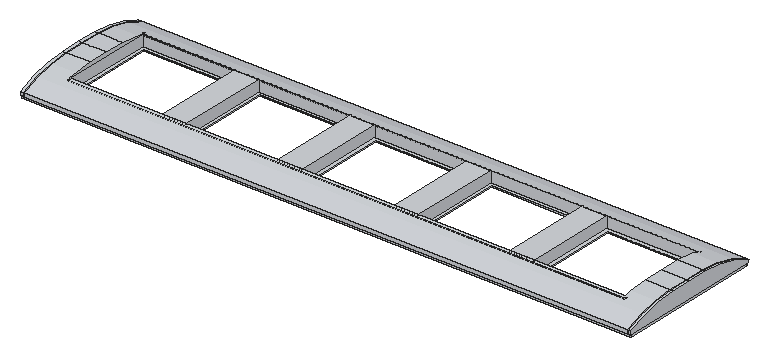
Revit family "Gira_0215736", category Electrical Fixtures, host Face, Revit 2017
Family settings
  Host = Face
  Maintain Annotation Orientation = No
  Round Connector Dimension = Use Diameter
  Part Type = Normal
  Cut with Voids When Loaded = No
  Shared = No
  Room Calculation Point = No
Parameters (values of type "Cov.fr. 5-g interm.fr. CAl Gira Event Clear black")
  URL = "http://katalog.gira.de/en/datenblatt.html?artikelnr=0215736"
  Transparent = "No"
  Name = "Cov.fr. 5-g interm.fr. CAl Gira Event Clear black"
  Manufacturer URL = "https://www.gira.de/"
  Manufacturer = "Gira"
  Label space/information surface = "No"
  Keynote = ""
  HeinzeBIM = "https://bimportal.heinze.de/bim/cov-fr-5-g-interm-fr-cal-gira-event-clear-black/c67b1a8550854e74c14212e53e1ca4b323a30ee5"
  HAN = "0215736"
  GTIN = "4010337068891"
  Description = "Cov.fr.5g i.fr.CAl EvCl BK,Gira Event Clear cover frame,black with colour aluminium intermediate frame,5-gang,Features:,- Shatter-proof."
  Default Elevation = 1219.2 mm
  Data sheet (1) = "https://katalog.gira.de/en/download.html?artikelnr=0215736"
  Category = "Cover frame for domestic switching devices"
  BIM (1) = "https://media.stage.bim.site/public/gira/36a6b08/Event_Rahmen_5fach.rfa"
  Available = "No"
Reference planes
  plane 1 "Center (Front/Back)": y = 0
  plane 2: z = 0
  plane 3 "Center (Left/Right)": x = 0
Forms (mm)
  Extrusion 1, solid, detail levels fine
    sketch origin (0, 0, 0.05) x (0, 1, 0) y (0, 0, 1)
      loop
        arc (12.445, 9.683) -> (6.223, 9.833) -> (0, 9.85) r 291.636
        arc (0, 9.85) -> (-6.223, 9.833) -> (-12.445, 9.683) r 291.636
        arc (-12.445, 9.683) -> (-29.14, 7.482) -> (-45, 1.823) r 79.728
        line (-45, 1.823) -> (-45, -0.05) -> (-42.086, -0.05)
        arc (-42.086, -0.05) -> (-21.385, 5.559) -> (0, 7.206) r 114.424
        arc (0, 7.206) -> (21.385, 5.559) -> (42.086, -0.05) r 114.424
        line (42.086, -0.05) -> (45, -0.05) -> (45, 1.823)
        arc (45, 1.823) -> (29.14, 7.482) -> (12.445, 9.683) r 79.728
    from -185.578 to 185.593
  Extrusion 2, void, detail levels fine
    sketch origin (0, 0, 0) x (1, 0, 0) y (0, 1, 0)
      loop
        line (170.607, 28) -> (-170.593, 28) -> (-170.593, -28) -> (170.607, -28) -> (170.607, 28)
    from 0.724 to 11
  Extrusion 3, solid, detail levels coarse
    sketch origin (0, 0, 0) x (1, 0, 0) y (0, 1, 0)
      loop
        line (-187.578, 45) -> (-187.578, -45) -> (187.593, -45) -> (187.593, 45) -> (-187.578, 45)
    from -1.5 to 9.9
  Extrusion 4, solid, detail levels medium
    sketch origin (0, 0, 0.05) x (0, 1, 0) y (0, 0, 1)
      loop
        arc (12.445, 9.683) -> (6.223, 9.833) -> (0, 9.85) r 291.636
        arc (0, 9.85) -> (-6.223, 9.833) -> (-12.445, 9.683) r 291.636
        arc (-12.445, 9.683) -> (-29.14, 7.482) -> (-45, 1.823) r 79.728
        line (-45, 1.823) -> (-45, -0.05) -> (45, -0.05) -> (45, 1.823)
        arc (45, 1.823) -> (29.14, 7.482) -> (12.445, 9.683) r 79.728
    from -187.578 to 187.593
  Extrusion 5, solid, detail levels fine
    sketch origin (-142.578, 0, -1.5) x (0, 1, 0) y (0, 0, -1)
      loop
        line (45, -3.373) -> (45, -1.5) -> (-45, -1.5) -> (-45, -3.373)
        arc (-45, -3.373) -> (-29.14, -9.032) -> (-12.445, -11.233) r 79.728
        arc (-12.445, -11.233) -> (-6.223, -11.383) -> (0, -11.4) r 291.636
        arc (0, -11.4) -> (6.223, -11.383) -> (12.445, -11.233) r 291.636
        arc (12.445, -11.233) -> (29.14, -9.032) -> (45, -3.373) r 79.728
    from 43 to 45
  Extrusion 6, solid, detail levels fine
    sketch origin (0, 0, 0) x (1, 0, 0) y (0, 1, 0)
      loop
        line (-168.493, 25.7) -> (-168.493, -25.7) -> (-116.693, -25.7) -> (-116.693, 25.7) -> (-168.493, 25.7)
      loop
        line (-45.398, -25.7) -> (-45.398, 25.7) -> (-97.198, 25.7) -> (-97.198, -25.7) -> (-45.398, -25.7)
      loop
        line (-171.487, 28.49) -> (-171.487, -28.495)
        spline (-171.487, -28.495) -> (-171.479, -28.625) -> (-171.453, -28.754) -> (-171.411, -28.878) -> (-171.353, -28.995) -> (-171.281, -29.104) -> (-171.194, -29.202) -> (-171.096, -29.288) -> (-170.987, -29.361) -> (-170.87, -29.419) -> (-170.746, -29.461) -> (-170.618, -29.486) -> (-170.487, -29.495)
        line (-170.487, -29.495) -> (170.502, -29.495)
        spline (170.502, -29.495) -> (170.633, -29.486) -> (170.761, -29.461) -> (170.885, -29.419) -> (171.002, -29.361) -> (171.111, -29.288) -> (171.209, -29.202) -> (171.296, -29.104) -> (171.368, -28.995) -> (171.426, -28.878) -> (171.468, -28.754) -> (171.494, -28.625) -> (171.502, -28.495)
        line (171.502, -28.495) -> (171.502, 28.49)
        spline (171.502, 28.49) -> (171.494, 28.62) -> (171.468, 28.748) -> (171.426, 28.872) -> (171.368, 28.99) -> (171.296, 29.098) -> (171.209, 29.197) -> (171.111, 29.283) -> (171.002, 29.356) -> (170.885, 29.413) -> (170.761, 29.456) -> (170.633, 29.481) -> (170.502, 29.49)
        line (170.502, 29.49) -> (-170.487, 29.49)
        spline (-170.487, 29.49) -> (-170.618, 29.481) -> (-170.746, 29.456) -> (-170.87, 29.413) -> (-170.987, 29.356) -> (-171.096, 29.283) -> (-171.194, 29.197) -> (-171.281, 29.098) -> (-171.353, 28.99) -> (-171.411, 28.872) -> (-171.453, 28.748) -> (-171.479, 28.62) -> (-171.487, 28.49)
      loop
        line (25.902, -25.7) -> (25.902, 25.7) -> (-25.898, 25.7) -> (-25.898, -25.7) -> (25.902, -25.7)
      loop
        line (97.207, -25.7) -> (97.207, 25.7) -> (45.407, 25.7) -> (45.407, -25.7) -> (97.207, -25.7)
      loop
        line (168.507, -25.7) -> (168.507, 25.7) -> (116.707, 25.7) -> (116.707, -25.7) -> (168.507, -25.7)
    from 0.1 to 7.3
  Extrusion 7, solid
    sketch origin (0, 0, 0) x (1, 0, 0) y (0, 1, 0)
      loop
        arc (-187.293, -44.218) -> (-187.146, -44.572) -> (-186.793, -44.718) r 0.5
        line (-186.793, -44.718) -> (186.807, -44.718)
        arc (186.807, -44.718) -> (187.161, -44.572) -> (187.307, -44.218) r 0.5
        line (187.307, -44.218) -> (187.307, 44.182)
        arc (187.307, 44.182) -> (187.161, 44.535) -> (186.807, 44.682) r 0.5
        line (186.807, 44.682) -> (-186.793, 44.682)
        arc (-186.793, 44.682) -> (-187.146, 44.535) -> (-187.293, 44.182) r 0.5
        line (-187.293, 44.182) -> (-187.293, -44.218)
      loop
        line (-185.593, 42.982) -> (-185.593, -43.018) -> (185.607, -43.018) -> (185.607, 42.982) -> (-185.593, 42.982)
    from -1.5 to 0.5
  Extrusion 8, solid, detail levels fine
    sketch origin (142.593, 0, -1.5) x (0, 1, 0) y (0, 0, 1)
      loop
        arc (45, 3.373) -> (29.14, 9.032) -> (12.445, 11.233) r 79.728
        arc (12.445, 11.233) -> (6.223, 11.383) -> (0, 11.4) r 291.636
        arc (0, 11.4) -> (-6.223, 11.383) -> (-12.445, 11.233) r 291.636
        arc (-12.445, 11.233) -> (-29.14, 9.032) -> (-45, 3.373) r 79.728
        line (-45, 3.373) -> (-45, 1.5) -> (45, 1.5) -> (45, 3.373)
    from 43 to 45
  Extrusion 9, solid, detail levels medium
    sketch origin (0, 0, 0) x (1, 0, 0) y (0, 1, 0)
      loop
        line (-187.293, -44.718) -> (187.307, -44.718) -> (187.307, 44.682) -> (-187.293, 44.682) -> (-187.293, -44.718)
    from -1.5 to 0.5
  Extrusion 10, solid, detail levels fine
    sketch origin (-105.5, 0, 0) x (1, 0, 0) y (0, 1, 0)
      loop
        line (-8.943, 28.063) -> (-8.943, -27.937) -> (6.057, -27.937) -> (6.057, 28.063) -> (-8.943, 28.063)
    from 0.724 to 7.566
  Extrusion 11, solid, detail levels fine
    sketch origin (-37.085, 0, 0) x (-1, 0, 0) y (0, -1, 0)
      loop
        line (-8.943, -28.063) -> (6.057, -28.063) -> (6.057, 27.937) -> (-8.943, 27.937) -> (-8.943, -28.063)
    from 0.724 to 7.566
  Extrusion 12, solid, detail levels fine
    sketch origin (105.5, 0, 0) x (-1, 0, 0) y (0, -1, 0)
      loop
        line (-8.943, -28.063) -> (6.057, -28.063) -> (6.057, 27.937) -> (-8.943, 27.937) -> (-8.943, -28.063)
    from 0.724 to 7.566
  Extrusion 13, solid, detail levels fine
    sketch origin (37.085, 0, 0) x (1, 0, 0) y (0, 1, 0)
      loop
        line (-8.943, 28.063) -> (-8.943, -27.937) -> (6.057, -27.937) -> (6.057, 28.063) -> (-8.943, 28.063)
    from 0.724 to 7.566
Cuts and joins
  Extrusion 2 cuts Extrusion 1
  Extrusion 2 cuts Extrusion 6
Dimensions and locks
  aligned and locked: plane 2 to host face
  aligned and locked: level to host face
